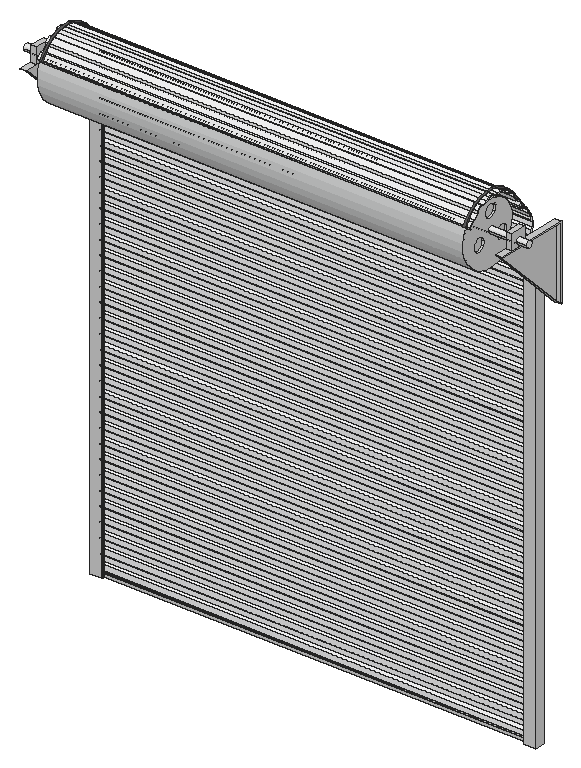
Revit family "Doors_Industrial_Wayne-Dalton_Wind-Load-Roll-Up-Sheet-Doors-Model-790-CW", category Specialty Equipment, host Wall, Revit 2026 (continued)
Definition of nested family "Operator"
  Automatic sketch dimensions
    Masking region 3 sketch curve to curve 2 = 8"
    Masking region 3 sketch curve to Masking region 3 sketch curve = 3 1/2"
    Masking region 3 sketch curve to Masking region 3 sketch curve = 1 1/2"
    Masking region 3 sketch curve to Masking region 3 sketch curve = 131/256"
    curve 2 to Masking region 3 sketch curve = 2 125/256"
    Masking region 3 sketch curve to curve 2 = 5"
    curve 2 to Masking region 3 sketch curve = 4 1/4"  (x2)
    Masking region 3 sketch curve to Masking region 3 sketch curve = 0"
    Masking region 3 sketch curve to Masking region 3 sketch curve = 1"  (x3)
    Masking region 2 sketch curve to curve 2 = 0"  (x2)
    curve 2 to Masking region 2 sketch curve = 15.34603"
    Masking region 2 sketch curve to curve 2 = 2 125/256"
    Masking region 2 sketch curve to curve 2 = 3"
    Masking region 2 sketch curve to Masking region 2 sketch curve = 0"
    curve 2 to Masking region 2 sketch curve = 0.12"  (x2)
    curve 2 to Masking region 2 sketch curve = 2 125/256"
    Masking region 2 sketch curve to Masking region 2 sketch curve = 1.67216"
    Masking region 2 sketch curve to Masking region 2 sketch curve = 0.15206"
    Masking region 2 sketch curve to Masking region 2 sketch curve = 2 3/256"
    Masking region 2 sketch curve to Masking region 2 sketch curve = 0.2164"
    Masking region 2 sketch curve to curve 2 = 7.27045"  (x2)
    Masking region 2 sketch curve to Masking region 2 sketch curve = 2.64258"
    Masking region 2 sketch curve to Masking region 2 sketch curve = 0.25654"
    Masking region 2 sketch curve to curve 2 = 10.70282"
    Sweep 2 sketch curve to plane 1 "Center (Front/Back)" = 0"
    plane 1 "Center (Front/Back)" to Sweep 2 sketch curve = 2.9125"
    radius of Sweep 2 sketch curve = 0.3"
    radius of Extrusion 6 sketch curve = 1/2"
    radius of Extrusion 7 sketch curve = 1"
Types (5): name | Voltage | Frequency | Electrical Operator | Current | Chain Hoist | Apparent Load Phase 1
  ‏​Manual push-up | 0 V | 0 Hz | no | 0 A | no | 0 VA
  Chain Hoist | 0 V | 0 Hz | no | 0 A | yes | 0 VA
  115 volts, one phase, 60 Hz (110-120V range) | 115 V | 60 Hz | yes | 20 A | no | 2300 VA
  208 volts, one phase, 60 Hz (190-207V range) | 208 V | 60 Hz | yes | 20 A | no | 4160 VA
  230 volts, one phase, 60 Hz (208-245V range) | 230 V | 60 Hz | yes | 20 A | no | 4600 VA
